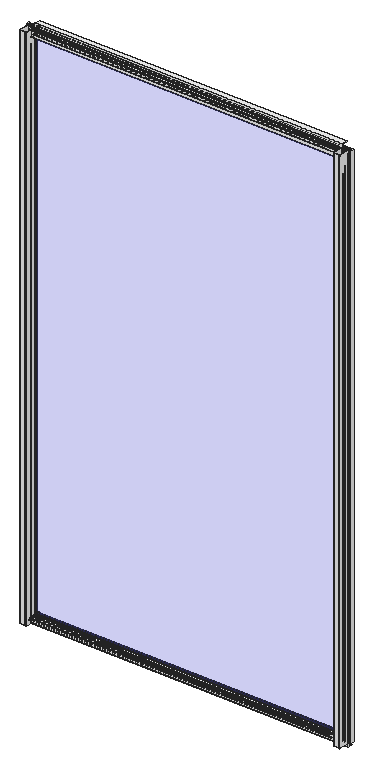
Revit family "Facade_60_Curtain_Wall_E11_Standard", category Windows, host Wall, Revit 2014
Parameters (values of type "F60-E11-3050-1500Pa")
  Windload Design [instance] = if(Custom Windload < 1001 mm, 1000 mm, if(Custom Windload < 1501 mm, 1500 mm, 2000 mm))  # 1500 mm
  Width [instance] = if(Custom Curtain Wall Width < Limit Door Width Min, Limit Door Width Min, if(Custom Curtain Wall Width > Limit Door Width Max, Limit Door Width Max, Custom Curtain Wall Width))  # 2990 mm
  Wall Thickness [instance] = 200 mm
  Vertical Profile Length [instance] = Height - Frame Bottom Gap  # 4960 mm
  URL = "http://www.crealco.co.za/crealco-products.php"
  Type Comments = ""
  Thermal Resistance (R) [instance] = if(IGDB or SAGDB Number = 100100, 1.0000 (m²·K)/W / Intruderprufe U Value, if(IGDB or SAGDB Number = 100100, 1.0000 (m²·K)/W / Intruderprufe U Value, if(IGDB or SAGDB Number = 105003, 1.0000 (m²·K)/W / Intruderprufe Insulated U Value, if(IGDB or SAGDB Number = 105004, 1.0000 (m²·K)/W / Intruderprufe Insulated LowE U Value, 1.0000 (m²·K)/W / 7.9)))) * 1  # 0.126582 (m²·K)/W
  Thermal Break Material = Plastic, Opaque Black
  Solar Heat Gain Coefficient [instance] = if(IGDB or SAGDB Number = 100100, Intruderprufe SHGC Value, if(IGDB or SAGDB Number = 103200, Intruderprufe LowE SHGC Value, if(IGDB or SAGDB Number = 105003, Intruderprufe Insulated SHGC Value, if(IGDB or SAGDB Number = 105004, Intruderprufe Insulated LowE SHGC Value, 0))))  # 0
  Single Glazing [instance] = if(DG Forced, 1 = 0, not(Double Glazing))  # yes
  Sill Height = 85 mm  # constant formula
  SG Forced [instance] = not(DG Forced)  # yes
  Quarter Expansion Break = no
  Overall Width [instance] = 2990 mm
  Overall Height [instance] = 4990 mm
  Mullion Configuration = 1 mm
  Model = "Façade 60 "  # constant formula
  Max System DG Unit Thickness = 25 mm  # constant formula
  Max System DG One Piece Thickness [instance] = rounddown((Max System DG Unit Thickness - DG Gasket Thickness) / 2 mm) * 1 mm  # 6 mm
  Max Pane Area [instance] = Glazing Width * Glazing Height  # 14.2039 m²
  Manufacturer = "Crealco"  # constant formula
  Limit Door Width Min = Limit Panel Width Min + (2 * Glazing Side Gap)  # 379.6 mm
  Limit Door Width Max = Limit Panel Width Max + (2 * Glazing Side Gap)  # 3079.6 mm
  Limit Door Height Min = Limit Panel Height Min + Glazing Top Gap + Glazing Bottom Gap  # 409.6 mm
  Limit Door Height Max = Limit Panel Height Max + Glazing Top Gap + Glazing Bottom Gap  # 6109.6 mm
  Limit Panel Width Min = 300 mm  # constant formula
  Limit Panel Width Max = 3000 mm  # constant formula
  Limit Panel Height Min = 300 mm  # constant formula
  Limit Panel Height Max = 6000 mm  # constant formula
  Sill Length [instance] = Width  # 2990 mm
  Length Sill [instance] = Width  # 2990 mm
  Keynote = ""
  Jamb Width = 60 mm  # constant formula
  Intruderprufe U Value = 5.75
  Intruderprufe SHGC Value = 0.753
  Intruderprufe LowE U Value = 3.92
  Intruderprufe LowE SHGC Value = 0.659
  Intruderprufe Insulated U Value = 2.89
  Intruderprufe Insulated SHGC Value = 0.647
  Intruderprufe Insulated LowE U Value = 2.17
  Intruderprufe Insulated LowE SHGC Value = 0.583
  Horizontal Profile Length [instance] = Width - (2 * Jamb Width)  # 2870 mm
  Half Expansion Break = no
  Glazing Width [instance] = Horizontal Profile Length + (2 mm * 20.2)  # 2910.4 mm
  Glazing Top Gap = 39.8 mm  # constant formula
  Glazing Side Gap = 39.8 mm  # constant formula
  Glazing Height [instance] = Height - Glazing Top Gap - Glazing Bottom Gap  # 4880.4 mm
  Glazing Gap SG [instance] = (14 mm - SG Thickness) / 2  # 2 mm
  Glazing Gap DG [instance] = (28 mm - (DG Thickness + DG Thickness + DG Gasket Thickness)) / 2  # 2 mm
  Glazing Bottom Gap = 69.8 mm  # constant formula
  Frame Thickness = 101.8 mm  # constant formula
  Frame Bottom Gap = 30 mm  # constant formula
  Door Leaf Height [instance] = 2050 mm
  Double Glazing [instance] = no
  DG Thickness Calc [instance] = if(not(Max Pane Area > 1.125 m²), 4 mm, if(not(Max Pane Area > 2.25 m²), 4 mm, if(not(Max Pane Area > 3.15 m²), 5 mm, if(not(Max Pane Area > 4.35 m²), 6 mm, if(not(Max Pane Area > 6.45 m²), 8 mm, 10 mm)))))  # 10 mm
  DG Thickness [instance] = if(IGDB or SAGDB Number = 105003, 6 mm, if(IGDB or SAGDB Number = 105004, 7 mm, if(DG Thickness Calc > Max System DG One Piece Thickness, Max System DG One Piece Thickness, DG Thickness Calc)))  # 6 mm
  DG Gasket Thickness = 12 mm  # constant formula
  DG Gasket Finish [instance] = Double Glazing Gasket Material
  DG Forced [instance] = if(IGDB or SAGDB Number = 100100, 1 = 0, if(IGDB or SAGDB Number = 103200, 1 = 0, if(IGDB or SAGDB Number = 105003, 1 = 1, if(IGDB or SAGDB Number = 105004, 1 = 1, Double Glazing))))  # no
  IGDB or SAGDB Number [instance] = 0
  Height [instance] = if(Custom Curtain Wall Height < Limit Door Height Min, Limit Door Height Min, if(Custom Curtain Wall Height > Limit Door Height Max, Limit Door Height Max, Custom Curtain Wall Height))  # 4990 mm
  Heat Transfer Coefficient (U) [instance] = if(IGDB or SAGDB Number = 100100, Intruderprufe U Value, if(IGDB or SAGDB Number = 103200, Intruderprufe LowE U Value, if(IGDB or SAGDB Number = 105003, Intruderprufe Insulated U Value, if(IGDB or SAGDB Number = 105004, Intruderprufe Insulated LowE U Value, 7.9)))) * 1.0000 W/(m²·K)  # 7.9000 W/(m²·K)
  SG Thickness [instance] = if(IGDB or SAGDB Number = 100100, 6 mm, if(IGDB or SAGDB Number = 103200, 7 mm, if(not(Max Pane Area > 0.75 m²), 4 mm, if(not(Max Pane Area > 1.50 m²), 4 mm, if(not(Max Pane Area > 2.10 m²), 5 mm, if(not(Max Pane Area > 2.90 m²), 6.4 mm, if(not(Max Pane Area > 4.30 m²), 8 mm, 10 mm)))))))  # 10 mm
  Glazing Material [instance] = if(IGDB or SAGDB Number = 100100, "PFG INTRUDERPRUFE 6.38mm", if(IGDB or SAGDB Number = 103200, "PFG INTRUDERPRUFE LOW-E 7.38mm", if(IGDB or SAGDB Number = 105003, "PFG 25mm INTRUDERPRUFE INSULATED GLASS", if(IGDB or SAGDB Number = 105004, "PFG 25mm INTRUDERPRUFE INSULATED GLASS LOW-E", "Unknown"))))  # "Unknown"
  Glazing Finish [instance] = Glass
  Glazing Code [instance] = if(IGDB or SAGDB Number = 100100, "LAM01", if(IGDB or SAGDB Number = 103200, "LAM01E", if(IGDB or SAGDB Number = 105003, "IGU25", if(IGDB or SAGDB Number = 105004, "IGU25E", "Unknown"))))  # "Unknown"
  Frame Offset From Exterior [instance] = if(Centered In Wall, (Wall Thickness - Frame Thickness) / 2, Custom Offset From Exterior) + 5.9 mm  # 55 mm
  Description = "Curtain wall, E11"  # constant formula
  Default Sill Height = 0 mm
  Wall Closure = By host
  Custom Curtain Wall Width = 2990 mm
  Custom Curtain Wall Height = 4990 mm
  Custom Windload = 1500 mm
  Custom Offset From Exterior = 0 mm
  Centered In Wall [instance] = 1 = 1  # yes
  Aluminium Finish [instance] = White Powder Coated Aluminium ANP 1052
  All Available Glazing Numbers [instance] = "The rows below list the available glazing materials for this window:"  # constant formula
  190mm Mullion = if(Mullion Configuration = 3 mm, 1 = 1, 1 = 0)  # no
  160mm Mullion = if(Mullion Configuration = 2 mm, 1 = 1, 1 = 0)  # no
  105004 [instance] = "IGU25E"  # constant formula
  105003 [instance] = "IGU25"  # constant formula
  103200 [instance] = "LAM01E"  # constant formula
  100mm Mullion = if(or(Mullion Configuration = 2 mm, Mullion Configuration = 3 mm), 1 = 0, 1 = 1)  # yes
  100100 [instance] = "LAM01"  # constant formula
Reference planes
  plane 1 "Center (Front/Back)": y = 0
  plane 2 "Center (Left/Right)": x = 0
  plane 3 "Left": x = -1495
  plane 4 "Right": x = 1495
  plane 5 "Sill": z = 0
  plane 6 "Head": z = 4990
  plane 7 "Exterior": y = 100
  plane 8 "Interior": y = -100
Lines and regions (mm)
  Opening 1
    outline origin (3507.082, -100, 0) x (1, 0, 0) y (0, 0, 1)
      loop
        line (-2012.082, 0) -> (-2012.082, 4990) -> (-5002.082, 4990) -> (-5002.082, 0) -> (-2012.082, 0)
Text (mm)
  text "EXTERIOR" at (-1963.203, 1332.353, 0), in view "Ref. Level"
  text "INTERIOR" at (-1981.466, -818.386, 0), in view "Ref. Level"
  text "Exterior" at (0, 923.751, 2943.296), in view "Right"
  text "Exterior" at (0, 1040.484, 2685.409), in view "Left"
Dimensions and locks
  equal spacing: plane 3 "Left", plane 2 "Center (Left/Right)", plane 4 "Right"
  "Width": plane 3 "Left" to plane 4 "Right"
  "Height": plane 5 "Sill" to plane 6 "Head"
  "Default Sill Height": plane 5 "Sill" to level
  locked: plane 7 "Exterior" to host wall at 0
  locked: plane 8 "Interior" to host wall
  "Overall Height": plane 6 "Head" to plane 5 "Sill"
  "Overall Width": plane 3 "Left" to plane 4 "Right"
  "Wall Thickness": host wall to host wall
  "Jamb Width": nested 3 to plane 4 "Right"
  "Jamb Width": nested 5 to plane 4 "Right"
  "Frame Bottom Gap": nested 5 to level
  "Frame Offset From Exterior": nested 1 to plane 7 "Exterior"
  "Glazing Side Gap": nested 6 to plane 4 "Right"
  "Glazing Top Gap": nested 6 to plane 6 "Head"
  "Glazing Gap SG": nested 6 to nested 1
  "Glazing Side Gap": nested 7 to plane 4 "Right"
  "Glazing Top Gap": nested 7 to plane 6 "Head"
  "Glazing Gap DG": nested 7 to nested 1
  locked: nested 1 to nested 5 at 8.887
  aligned and locked: plane 4 "Right" to nested 1
  aligned and locked: nested 1 to plane 6 "Head"
  aligned and locked: plane 3 "Left" to nested 2
  aligned and locked: plane 6 "Head" to nested 2
  aligned and locked: nested 3 to plane 6 "Head"
  aligned and locked: nested 1 to nested 3
  aligned and locked: nested 4 to level
  aligned and locked: plane 4 "Right" to nested 4
  aligned and locked: nested 1 to nested 2
  aligned and locked: nested 5 to nested 4
Automatic sketch dimensions
  plane 3 "Left" to Opening 1 sketch curve = 0 mm
  plane 4 "Right" to Opening 1 sketch curve = 0 mm
  Opening 1 sketch curve to plane 5 "Sill" = 0 mm
  Opening 1 sketch curve to plane 6 "Head" = 0 mm
Nested families
  nested 1: "F60 Vertical Profile Side_E11_Std" at (1495, -1.058, 30) x (-1, 0, 0) z (0, 0, 1), Thermal Break Material <- "Thermal Break Material", Profile Material <- "Aluminium Finish", Length <- "Vertical Profile Length", Single Glazing <- "SG Forced", Double Glazing <- "DG Forced", 100mm Mullion <- "100mm Mullion", 160mm Mullion <- "160mm Mullion", 190mm Mullion <- "190mm Mullion", Quarter Expansion Break <- "Quarter Expansion Break", Half Expansion Break <- "Half Expansion Break", type "F60 Vertical Profile Side_E11_Std"
    with Thermal Break Material Plastic, Opaque Black, Single Glazing yes, Quarter SG Expansion Break no, Quarter Length 1240 mm, Quarter Expansion Break no, Quarter DG Expansion Break no, Quarter 190mm Expansion Break no, Quarter 160mm Expansion Break no, Quarter 100mm Expansion Break no, Profile Material White Powder Coated Aluminium ANP 1052, Length 4960 mm, Half SG Expansion Break no, Half Length 2480 mm, Half Expansion Break no, Half DG Expansion Break no, Half 190mm Expansion Joint no, Half 160mm Expansion Break no, Half 100mm Expansion Break no, Double Glazing no, 190mm Mullion no, 160mm Mullion no, 100mm Mullion yes
  nested 2: "F60 Vertical Profile Side_E11_Std" at (-1495, -1.058, 30), Thermal Break Material <- "Thermal Break Material", Profile Material <- "Aluminium Finish", Length <- "Vertical Profile Length", Single Glazing <- "SG Forced", Double Glazing <- "DG Forced", 100mm Mullion <- "100mm Mullion", 160mm Mullion <- "160mm Mullion", 190mm Mullion <- "190mm Mullion", Quarter Expansion Break <- "Quarter Expansion Break", Half Expansion Break <- "Half Expansion Break", type "F60 Vertical Profile Side_E11_Std"
    with Thermal Break Material Plastic, Opaque Black, Single Glazing yes, Quarter SG Expansion Break no, Quarter Length 1240 mm, Quarter Expansion Break no, Quarter DG Expansion Break no, Quarter 190mm Expansion Break no, Quarter 160mm Expansion Break no, Quarter 100mm Expansion Break no, Profile Material White Powder Coated Aluminium ANP 1052, Length 4960 mm, Half SG Expansion Break no, Half Length 2480 mm, Half Expansion Break no, Half DG Expansion Break no, Half 190mm Expansion Joint no, Half 160mm Expansion Break no, Half 100mm Expansion Break no, Double Glazing no, 190mm Mullion no, 160mm Mullion no, 100mm Mullion yes
  nested 3: "F60 Horizontal Profile Top_E11_Std" at (1435, -50.858, 4930) x (-1, 0, 0) z (0, 0, 1), Thermal Break Material <- "Thermal Break Material", Profile Material <- "Aluminium Finish", Length <- "Horizontal Profile Length", Single Glazing <- "SG Forced", Double Glazing <- "DG Forced", type "F60 Horizontal Profile Top_E11_Std"
    with Thermal Break Material Plastic, Opaque Black, Single Glazing yes, Profile Material White Powder Coated Aluminium ANP 1052, Length 2870 mm, Double Glazing no
  nested 4: "F60 Sill_E11_Std" at (1495, -13.486, -1.88) x (-1, 0, 0) z (0, 0, 1), Profile Material <- "Aluminium Finish", Length Sill <- "Length Sill", type "F60 Sill_E11_Std"
    with Profile Material White Powder Coated Aluminium ANP 1052, Length Sill 2990 mm
  nested 5: "F60 Horizontal Profile Bottom_E11_Std" at (1435, -50.858, 30) x (-1, 0, 0) z (0, 0, 1), Thermal Break Material <- "Thermal Break Material", Profile Material <- "Aluminium Finish", Length <- "Horizontal Profile Length", Single Glazing <- "SG Forced", Double Glazing <- "DG Forced", type "F60 Horizontal Profile Bottom_E11_Std"
    with Thermal Break Material Plastic, Opaque Black, Single Glazing yes, Profile Material White Powder Coated Aluminium ANP 1052, Length 2870 mm, Double Glazing no
  nested 6: "F60_Single_Glazing_E11_Std" at (1455.2, 10.942, 69.8), Glazing Width <- "Glazing Width", Glazing Height <- "Glazing Height", SG Thickness <- "SG Thickness", Glazing Finish <- "Glazing Finish", visible <- "SG Forced", type "F60_Single_Glazing_E11_Std"
    with SG Thickness 10 mm, Glazing Width 2910.4 mm, Glazing Height 4880.4 mm, Glazing Finish Glass
  nested 7: "F60_Double_Glazing_E11_Std" at (1455.2, 24.942, 69.8), Glazing Material <- "Glazing Finish", Double Glazing Gasket Material <- "DG Gasket Finish", Glazing Width <- "Glazing Width", Glazing Height <- "Glazing Height", Glazing Thickness DG <- "DG Thickness", Double Glazing Gasket Thickness <- "DG Gasket Thickness", visible <- "DG Forced", type "F60_Double_Glazing_E11_Std"
    with Glazing Width 2910.4 mm, Glazing Thickness DG 6 mm, Glazing Material Glass, Glazing Height 4880.4 mm, Double Glazing Gasket Thickness 12 mm, Double Glazing Gasket Material Double Glazing Gasket Material
Definition of nested family "F60 Vertical Profile Side_E11_Std"
  Parameters (values of type "F60 Vertical Profile Side")
    Quarter SG Expansion Break [instance] = if(and(Quarter Expansion Break, Single Glazing), 1 = 1, 1 = 0)  # yes
    Quarter Length [instance] = Length / 4  # 62.5 mm
    Thermal Break Material [instance] = none
    Single Glazing [instance] = yes
    Quarter Expansion Break [instance] = yes
    Quarter DG Expansion Break [instance] = if(and(Quarter Expansion Break, Double Glazing), 1 = 1, 1 = 0)  # yes
    Quarter 190mm Expansion Break [instance] = if(and(Quarter Expansion Break, [190mm Mullion]), 1 = 1, 1 = 0)  # yes
    Quarter 160mm Expansion Break [instance] = if(and(Quarter Expansion Break, [160mm Mullion]), 1 = 1, 1 = 0)  # yes
    Quarter 100mm Expansion Break [instance] = if(and(Quarter Expansion Break, [100mm Mullion]), 1 = 1, 1 = 0)  # yes
    Profile Material [instance] = none
    Length [instance] = 250 mm
    Half SG Expansion Break [instance] = if(and(Half Expansion Break, Single Glazing), 1 = 1, 1 = 0)  # yes
    Half Length [instance] = Length / 2  # 125 mm
    Half Expansion Break [instance] = yes
    Half DG Expansion Break [instance] = if(and(Half Expansion Break, Double Glazing), 1 = 1, 1 = 0)  # yes
    Half 190mm Expansion Joint [instance] = if(and(Half Expansion Break, [190mm Mullion]), 1 = 1, 1 = 0)  # yes
    Half 160mm Expansion Break [instance] = if(and(Half Expansion Break, [160mm Mullion]), 1 = 1, 1 = 0)  # yes
    Half 100mm Expansion Break [instance] = if(and(Half Expansion Break, [100mm Mullion]), 1 = 1, 1 = 0)  # yes
    Double Glazing [instance] = yes
    190mm Mullion [instance] = yes
    160mm Mullion [instance] = yes
    100mm Mullion [instance] = yes
  Reference planes
    plane 1 "Center (Front/Back)": y = 0
    plane 2: z = 0
    plane 3 "Center (Left/Right)": x = 0
  Forms (mm)
    Extrusion 1, solid, material <- "Profile Material"
      sketch origin (0, 0, 0) x (1, 0, 0) y (0, 1, 0)
        loop
          arc (25.249, -8.7) -> (25.484, -9.266) -> (26.049, -9.5) r 0.8
          line (26.049, -9.5) -> (27.1, -9.5) -> (27.1, 7) -> (32.902, 7) -> (32.902, -9.5) -> (33.951, -9.5)
          arc (33.951, -9.5) -> (34.516, -9.266) -> (34.751, -8.7) r 0.8
          line (34.751, -8.7) -> (34.751, 6.2)
          arc (34.751, 6.2) -> (34.985, 6.766) -> (35.551, 7) r 0.8
          line (35.551, 7) -> (52.1, 7) -> (52.1, 5.4) -> (50.55, 5.4) -> (50.55, 4.55)
          arc (50.55, 4.55) -> (50.726, 4.126) -> (51.15, 3.95) r 0.6
          line (51.15, 3.95) -> (52.1, 3.95) -> (52.1, 1)
          arc (52.1, 1) -> (51.6, 0.5) -> (52.1, 0) r 0.5
          line (52.1, 0) -> (54.45, 0) -> (54.45, 1.15) -> (53.3, 1.15) -> (53.3, 2.45) -> (58.8, 2.45) -> (58.8, 1.15) -> (57.65, 1.15) -> (57.65, 0) -> (59.5, 0)
          arc (59.5, 0) -> (59.854, 0.146) -> (60, 0.5) r 0.5
          line (60, 0.5) -> (60, 3.9) -> (53.55, 3.9) -> (53.55, 7.6)
          arc (53.55, 7.6) -> (53.316, 8.166) -> (52.75, 8.4) r 0.8
          line (52.75, 8.4) -> (30, 8.4) -> (7.25, 8.4)
          arc (7.25, 8.4) -> (6.684, 8.166) -> (6.45, 7.6) r 0.8
          line (6.45, 7.6) -> (6.45, 3.9) -> (0, 3.9) -> (0, 0.5)
          arc (0, 0.5) -> (0.146, 0.146) -> (0.5, 0) r 0.5
          line (0.5, 0) -> (2.35, 0) -> (2.35, 1.15) -> (1.2, 1.15) -> (1.2, 2.45) -> (6.7, 2.45) -> (6.7, 1.15) -> (5.55, 1.15) -> (5.55, 0) -> (7.9, 0)
          arc (7.9, 0) -> (8.4, 0.5) -> (7.9, 1) r 0.5
          line (7.9, 1) -> (7.9, 3.95) -> (8.85, 3.95)
          arc (8.85, 3.95) -> (9.274, 4.126) -> (9.45, 4.55) r 0.6
          line (9.45, 4.55) -> (9.45, 5.4) -> (7.9, 5.4) -> (7.9, 7) -> (24.449, 7)
          arc (24.449, 7) -> (25.015, 6.766) -> (25.249, 6.2) r 0.8
          line (25.249, 6.2) -> (25.249, -8.7)
      from 0 to 250 <- "Length"
    Extrusion 2, solid, material <- "Thermal Break Material"
      sketch origin (0, 0, 0) x (1, 0, 0) y (0, 1, 0)
        loop
          line (1.75, 9.8) -> (1.75, 5.2) -> (0, 5.2) -> (0, 3.9) -> (6.35, 3.9) -> (6.35, 7.856)
          arc (6.35, 7.856) -> (6.526, 8.281) -> (6.95, 8.456) r 0.6
          line (6.95, 8.456) -> (30, 8.456) -> (53.05, 8.456)
          arc (53.05, 8.456) -> (53.474, 8.281) -> (53.65, 7.856) r 0.6
          line (53.65, 7.856) -> (53.65, 3.9) -> (60, 3.9) -> (60, 5.2) -> (58.25, 5.2) -> (58.25, 9.8) -> (30, 9.8) -> (1.75, 9.8)
      from 0 to 250 <- "Length"
    Extrusion 3, solid, material <- "Thermal Break Material", visible <- "Single Glazing"
      sketch origin (0, 0, 0) x (1, 0, 0) y (0, 1, 0)
        loop
          line (25.749, -14.011) -> (27.672, -14.011) -> (28.481, -12.611) -> (31.518, -12.611) -> (32.327, -14.011) -> (34.249, -14.011)
          arc (34.249, -14.011) -> (34.603, -13.864) -> (34.749, -13.511) r 0.5
          line (34.749, -13.511) -> (34.749, -10.011)
          arc (34.749, -10.011) -> (34.603, -9.657) -> (34.249, -9.511) r 0.5
          line (34.249, -9.511) -> (32.352, -9.511) -> (32.352, 0.19) -> (31.349, 2.261)
          arc (31.349, 2.261) -> (29.999, 2.986) -> (28.649, 2.261) r 1.62
          line (28.649, 2.261) -> (27.647, 0.19) -> (27.647, -9.511) -> (25.749, -9.511)
          arc (25.749, -9.511) -> (25.396, -9.657) -> (25.249, -10.011) r 0.5
          line (25.249, -10.011) -> (25.249, -13.511)
          arc (25.249, -13.511) -> (25.396, -13.864) -> (25.749, -14.011) r 0.5
        loop
          line (28.504, -10.005) -> (28.504, -10.861)
          arc (28.504, -10.861) -> (28.651, -11.214) -> (29.004, -11.361) r 0.5
          line (29.004, -11.361) -> (30.994, -11.361)
          arc (30.994, -11.361) -> (31.348, -11.214) -> (31.494, -10.861) r 0.5
          line (31.494, -10.861) -> (31.494, -10.005) -> (30.708, -9.219)
          arc (30.708, -9.219) -> (30.383, -9.001) -> (29.999, -8.924) r 1.007
          arc (29.999, -8.924) -> (29.616, -8.999) -> (29.292, -9.217) r 0.986
          line (29.292, -9.217) -> (28.504, -10.005)
        loop
          arc (30.896, 1.935) -> (29.887, 2.44) -> (29.005, 1.735) r 1.047
          line (29.005, 1.735) -> (28.347, 0.374) -> (28.347, -6.993)
          arc (28.347, -6.993) -> (28.583, -7.417) -> (29.068, -7.441) r 0.5
          arc (29.068, -7.441) -> (29.999, -7.223) -> (30.93, -7.441) r 2.099
          arc (30.93, -7.441) -> (31.416, -7.417) -> (31.652, -6.993) r 0.5
          line (31.652, -6.993) -> (31.652, 0.374) -> (30.896, 1.935)
      from 0 to 250 <- "Length"
    Extrusion 4, solid, material <- "Profile Material", visible <- "Single Glazing"
      sketch origin (0, 0, 0) x (1, 0, 0) y (0, 1, 0)
        loop
          line (52.693, -14.011) -> (32.327, -14.011) -> (31.519, -12.611) -> (28.481, -12.611) -> (27.673, -14.011) -> (7.307, -14.011) -> (7.307, -15.011) -> (8.457, -15.011) -> (8.457, -16.261) -> (2.957, -16.261) -> (2.957, -15.011) -> (4.107, -15.011) -> (4.107, -14.011) -> (1.707, -14.011)
          arc (1.707, -14.011) -> (1.199, -14.293) -> (1.168, -14.873) r 0.6
          line (1.168, -14.873) -> (2.093, -16.772) -> (1.015, -17.298) -> (1.484, -18.261) -> (11.488, -18.261)
          arc (11.488, -18.261) -> (11.913, -18.085) -> (12.088, -17.661) r 0.6
          line (12.088, -17.661) -> (12.088, -16.811) -> (47.912, -16.811) -> (47.912, -17.661)
          arc (47.912, -17.661) -> (48.088, -18.085) -> (48.512, -18.261) r 0.6
          line (48.512, -18.261) -> (58.518, -18.261) -> (58.987, -17.298) -> (57.908, -16.772) -> (58.834, -14.874)
          arc (58.834, -14.874) -> (58.802, -14.293) -> (58.293, -14.011) r 0.6
          line (58.293, -14.011) -> (55.893, -14.011) -> (55.893, -15.011) -> (57.043, -15.011) -> (57.043, -16.261) -> (51.543, -16.261) -> (51.543, -15.011) -> (52.693, -15.011) -> (52.693, -14.011)
      from 0 to 250 <- "Length"
    Extrusion 5, solid, material <- "Profile Material", visible <- "Single Glazing"
      sketch origin (0, 0, 0) x (1, 0, 0) y (0, 1, 0)
        loop
          line (2.801, -18.261) -> (1.484, -18.261) -> (1.015, -17.298) -> (2.093, -16.772) -> (0.779, -14.076)
          arc (0.779, -14.076) -> (0.239, -14.21) -> (0.001, -14.713) r 0.65
          line (0.001, -14.713) -> (0.001, -28.068)
          arc (0.001, -28.068) -> (1.172, -30.897) -> (4.001, -32.068) r 4
          line (4.001, -32.068) -> (30.001, -32.068) -> (56.001, -32.068)
          arc (56.001, -32.068) -> (58.829, -30.897) -> (60.001, -28.068) r 4
          line (60.001, -28.068) -> (60.001, -14.713)
          arc (60.001, -14.713) -> (59.763, -14.21) -> (59.223, -14.076) r 0.65
          line (59.223, -14.076) -> (57.908, -16.772) -> (58.987, -17.298) -> (58.518, -18.261) -> (57.201, -18.261)
          arc (57.201, -18.261) -> (56.83, -18.425) -> (56.703, -18.811) r 0.5
          arc (56.703, -18.811) -> (56.83, -19.196) -> (57.201, -19.361) r 0.5
          line (57.201, -19.361) -> (58.951, -19.361) -> (58.951, -27.968)
          arc (58.951, -27.968) -> (58.131, -29.948) -> (56.151, -30.768) r 2.8
          line (56.151, -30.768) -> (30.001, -30.768) -> (3.851, -30.768)
          arc (3.851, -30.768) -> (1.871, -29.948) -> (1.051, -27.968) r 2.8
          line (1.051, -27.968) -> (1.051, -19.361) -> (2.801, -19.361)
          arc (2.801, -19.361) -> (3.172, -19.196) -> (3.298, -18.811) r 0.5
          arc (3.298, -18.811) -> (3.172, -18.425) -> (2.801, -18.261) r 0.5
      from 0 to 250 <- "Length"
    Extrusion 6, solid, material <- "Profile Material", visible <- "100mm Mullion"
      sketch origin (0, 0, 0) x (1, 0, 0) y (0, 1, 0)
        loop
          line (14.02, 13) -> (45.98, 13)
          arc (45.98, 13) -> (46.539, 12.842) -> (46.917, 12.4) r 1
          arc (46.917, 12.4) -> (47.285, 11.963) -> (47.833, 11.8) r 1
          line (47.833, 11.8) -> (58.15, 11.8) -> (58.15, 96.3) -> (47.833, 96.3)
          arc (47.833, 96.3) -> (47.285, 96.137) -> (46.917, 95.7) r 1
          arc (46.917, 95.7) -> (46.548, 95.263) -> (46, 95.1) r 1
          line (46, 95.1) -> (14, 95.1)
          arc (14, 95.1) -> (13.452, 95.263) -> (13.083, 95.7) r 1
          arc (13.083, 95.7) -> (12.715, 96.137) -> (12.167, 96.3) r 1
          line (12.167, 96.3) -> (1.85, 96.3) -> (1.85, 11.8) -> (12.167, 11.8)
          arc (12.167, 11.8) -> (12.715, 11.963) -> (13.083, 12.4) r 1
          arc (13.083, 12.4) -> (13.461, 12.842) -> (14.02, 13) r 1
        loop
          line (1.65, 9.856) -> (58.35, 9.856) -> (58.35, 5.2) -> (60, 5.2) -> (60, 98.8)
          arc (60, 98.8) -> (59.707, 99.507) -> (59, 99.8) r 1
          line (59, 99.8) -> (1, 99.8)
          arc (1, 99.8) -> (0.293, 99.507) -> (0, 98.8) r 1
          line (0, 98.8) -> (0, 5.2) -> (1.65, 5.2) -> (1.65, 9.856)
      from 0 to 250 <- "Length"
    Extrusion 7, solid, material <- "Profile Material", visible <- "160mm Mullion"
      sketch origin (0, 0, 0) x (1, 0, 0) y (0, 1, 0)
        loop
          arc (2.35, 15.6) -> (2.526, 15.176) -> (2.95, 15) r 0.6
          line (2.95, 15) -> (57.05, 15)
          arc (57.05, 15) -> (57.474, 15.176) -> (57.65, 15.6) r 0.6
          line (57.65, 15.6) -> (57.65, 153.7)
          arc (57.65, 153.7) -> (57.474, 154.124) -> (57.05, 154.3) r 0.6
          line (57.05, 154.3) -> (47.833, 154.3)
          arc (47.833, 154.3) -> (47.285, 154.137) -> (46.917, 153.7) r 1
          arc (46.917, 153.7) -> (46.548, 153.263) -> (46, 153.1) r 1
          line (46, 153.1) -> (14, 153.1)
          arc (14, 153.1) -> (13.452, 153.263) -> (13.083, 153.7) r 1
          arc (13.083, 153.7) -> (12.715, 154.137) -> (12.167, 154.3) r 1
          line (12.167, 154.3) -> (2.95, 154.3)
          arc (2.95, 154.3) -> (2.526, 154.124) -> (2.35, 153.7) r 0.6
          line (2.35, 153.7) -> (2.35, 15.6)
        loop
          arc (1, 159.8) -> (0.293, 159.507) -> (0, 158.8) r 1
          line (0, 158.8) -> (0, 5.2) -> (1.65, 5.2) -> (1.65, 10.013) -> (58.35, 10.013) -> (58.35, 5.2) -> (60, 5.2) -> (60, 158.8)
          arc (60, 158.8) -> (59.707, 159.507) -> (59, 159.8) r 1
          line (59, 159.8) -> (1, 159.8)
      from 0 to 250 <- "Length"
    Extrusion 8, solid, material <- "Profile Material", visible <- "190mm Mullion"
      sketch origin (0, 0, 0) x (1, 0, 0) y (0, 1, 0)
        loop
          line (57.25, 15.1) -> (57.25, 178.3)
          arc (57.25, 178.3) -> (56.957, 179.007) -> (56.25, 179.3) r 1
          line (56.25, 179.3) -> (3.75, 179.3)
          arc (3.75, 179.3) -> (3.043, 179.007) -> (2.75, 178.3) r 1
          line (2.75, 178.3) -> (2.75, 15.1)
          arc (2.75, 15.1) -> (2.984, 14.534) -> (3.55, 14.3) r 0.8
          line (3.55, 14.3) -> (56.45, 14.3)
          arc (56.45, 14.3) -> (57.016, 14.534) -> (57.25, 15.1) r 0.8
        loop
          line (60, 5.2) -> (60, 188.8)
          arc (60, 188.8) -> (59.707, 189.507) -> (59, 189.8) r 1
          line (59, 189.8) -> (1, 189.8)
          arc (1, 189.8) -> (0.293, 189.507) -> (0, 188.8) r 1
          line (0, 188.8) -> (0, 5.2) -> (1.65, 5.2) -> (1.65, 9.856) -> (58.35, 9.856) -> (58.35, 5.2) -> (60, 5.2)
      from 0 to 250 <- "Length"
    Extrusion 9, solid, material <- "Thermal Break Material", visible <- "Double Glazing"
      sketch origin (0, 0, 0) x (1, 0, 0) y (0, 1, 0)
        loop
          line (27.672, -28) -> (28.48, -26.6) -> (31.518, -26.6) -> (32.326, -28) -> (34.249, -28)
          arc (34.249, -28) -> (34.603, -27.854) -> (34.749, -27.5) r 0.5
          line (34.749, -27.5) -> (34.749, -10)
          arc (34.749, -10) -> (34.603, -9.646) -> (34.249, -9.5) r 0.5
          line (34.249, -9.5) -> (32.352, -9.5) -> (32.352, 0.198) -> (31.348, 2.272)
          arc (31.348, 2.272) -> (29.998, 2.997) -> (28.648, 2.272) r 1.62
          line (28.648, 2.272) -> (27.645, 0.201) -> (27.645, -9.5) -> (25.749, -9.5)
          arc (25.749, -9.5) -> (25.396, -9.646) -> (25.249, -10) r 0.5
          line (25.249, -10) -> (25.249, -27.5)
          arc (25.249, -27.5) -> (25.396, -27.854) -> (25.749, -28) r 0.5
          line (25.749, -28) -> (27.672, -28)
        loop
          arc (30.706, -9.206) -> (30.382, -8.99) -> (29.999, -8.913) r 1.007
          arc (29.999, -8.913) -> (29.616, -8.988) -> (29.292, -9.206) r 0.986
          line (29.292, -9.206) -> (27.142, -11.356)
          arc (27.142, -11.356) -> (26.926, -11.68) -> (26.849, -12.063) r 1
          line (26.849, -12.063) -> (26.849, -24)
          arc (26.849, -24) -> (27.142, -24.707) -> (27.849, -25) r 1
          line (27.849, -25) -> (32.149, -25)
          arc (32.149, -25) -> (32.856, -24.707) -> (33.149, -24) r 1
          line (33.149, -24) -> (33.149, -12.063)
          arc (33.149, -12.063) -> (33.073, -11.68) -> (32.856, -11.356) r 1
          line (32.856, -11.356) -> (30.706, -9.206)
        loop
          arc (28.345, -6.982) -> (28.581, -7.407) -> (29.067, -7.43) r 0.5
          arc (29.067, -7.43) -> (29.998, -7.213) -> (30.929, -7.43) r 2.099
          arc (30.929, -7.43) -> (31.414, -7.407) -> (31.651, -6.982) r 0.5
          line (31.651, -6.982) -> (31.651, 0.385) -> (30.895, 1.946)
          arc (30.895, 1.946) -> (29.885, 2.45) -> (29.004, 1.745) r 1.047
          line (29.004, 1.745) -> (28.345, 0.385) -> (28.345, -6.982)
      from 0 to 250 <- "Length"
    Extrusion 10, solid, material <- "Profile Material", visible <- "Double Glazing"
      sketch origin (0, 0, 0) x (1, 0, 0) y (0, 1, 0)
        loop
          line (52.692, -28) -> (32.327, -28) -> (31.518, -26.6) -> (28.48, -26.6) -> (27.672, -28) -> (7.306, -28) -> (7.306, -29) -> (8.456, -29) -> (8.456, -30.25) -> (2.956, -30.25) -> (2.956, -29) -> (4.106, -29) -> (4.106, -28) -> (1.706, -28)
          arc (1.706, -28) -> (1.198, -28.282) -> (1.167, -28.863) r 0.6
          line (1.167, -28.863) -> (2.093, -30.762) -> (1.014, -31.288) -> (1.483, -32.25) -> (11.488, -32.25)
          arc (11.488, -32.25) -> (11.912, -32.074) -> (12.088, -31.65) r 0.6
          line (12.088, -31.65) -> (12.088, -30.8) -> (47.911, -30.8) -> (47.911, -31.65)
          arc (47.911, -31.65) -> (48.087, -32.074) -> (48.511, -32.25) r 0.6
          line (48.511, -32.25) -> (58.517, -32.25) -> (58.986, -31.288) -> (57.907, -30.762) -> (58.833, -28.864)
          arc (58.833, -28.864) -> (58.801, -28.282) -> (58.292, -28) r 0.6
          line (58.292, -28) -> (55.892, -28) -> (55.892, -29) -> (57.042, -29) -> (57.042, -30.25) -> (51.542, -30.25) -> (51.542, -29) -> (52.692, -29) -> (52.692, -28)
      from 0 to 250 <- "Length"
    Extrusion 11, solid, material <- "Profile Material", visible <- "Double Glazing"
      sketch origin (0, 0, 0) x (1, 0, 0) y (0, 1, 0)
        loop
          line (2.8, -32.25) -> (1.483, -32.25) -> (1.014, -31.288) -> (2.093, -30.762) -> (0.778, -28.065)
          arc (0.778, -28.065) -> (0.238, -28.2) -> (0, -28.702) r 0.65
          line (0, -28.702) -> (0, -42.058)
          arc (0, -42.058) -> (1.172, -44.886) -> (4, -46.058) r 4
          line (4, -46.058) -> (30, -46.058) -> (56, -46.058)
          arc (56, -46.058) -> (58.828, -44.886) -> (60, -42.058) r 4
          line (60, -42.058) -> (60, -28.702)
          arc (60, -28.702) -> (59.762, -28.2) -> (59.222, -28.065) r 0.65
          line (59.222, -28.065) -> (57.907, -30.762) -> (58.986, -31.288) -> (58.517, -32.25) -> (57.2, -32.25)
          arc (57.2, -32.25) -> (56.829, -32.415) -> (56.703, -32.8) r 0.5
          arc (56.703, -32.8) -> (56.829, -33.185) -> (57.2, -33.35) r 0.5
          line (57.2, -33.35) -> (58.95, -33.35) -> (58.95, -41.958)
          arc (58.95, -41.958) -> (58.13, -43.938) -> (56.15, -44.758) r 2.8
          line (56.15, -44.758) -> (30, -44.758) -> (3.85, -44.758)
          arc (3.85, -44.758) -> (1.87, -43.938) -> (1.05, -41.958) r 2.8
          line (1.05, -41.958) -> (1.05, -33.35) -> (2.8, -33.35)
          arc (2.8, -33.35) -> (3.171, -33.185) -> (3.297, -32.8) r 0.5
          arc (3.297, -32.8) -> (3.171, -32.415) -> (2.8, -32.25) r 0.5
      from 0 to 250 <- "Length"
    Extrusion 12, solid, material <- "Profile Material", visible <- "Single Glazing"
      sketch origin (0, 0, 0) x (1, 0, 0) y (0, 1, 0)
        loop
          line (10.403, -10.171) -> (10.403, -3.821) -> (-21.349, -3.821) -> (-21.349, -35.567) -> (-14.999, -35.567) -> (-14.999, -10.171) -> (10.403, -10.171)
      from 0 to 250 <- "Length"
    Extrusion 13, solid, material <- "Profile Material", visible <- "Double Glazing"
      sketch origin (0, 0, 0) x (1, 0, 0) y (0, 1, 0)
        loop
          line (10.402, -7.775) -> (10.402, -1.425) -> (-21.35, -1.425) -> (-21.35, -33.172) -> (-15, -33.172) -> (-15, -7.775) -> (10.402, -7.775)
      from 0 to 250 <- "Length"
    Extrusion 14, solid, material <- "Profile Material", visible <- "Double Glazing"
      sketch origin (0, 0, 0) x (1, 0, 0) y (0, 1, 0)
        loop
          line (12, -7.775) -> (0, -7.775) -> (0, -25.775) -> (12, -25.775) -> (12, -7.775)
        loop
          line (10.8, -8.975) -> (1.2, -8.975) -> (1.2, -24.575) -> (10.8, -24.575) -> (10.8, -8.975)
      from 0 to 250 <- "Length"
  Lines and regions (mm)
    model lines, style "GenericModelHiddenLines", visible <- "Half 100mm Expansion Break"
      curve 1: line (60, 5.2, 125) -> (60, 95.2, 125)
      curve 2: line (60, 99.8, 125) -> (0, 99.8, 125)
      curve 8: line (0, 5.2, 125) -> (0, 95.2, 125)
    model lines, style "GenericModelHiddenLines", visible <- "Quarter 100mm Expansion Break"
      curve 3: line (60, 5.2, 187.5) -> (60, 95.2, 187.5)
      curve 4: line (60, 5.2, 62.5) -> (60, 95.2, 62.5)
      curve 5: line (60, 99.8, 62.5) -> (0, 99.8, 62.5)
      curve 6: line (60, 99.8, 187.5) -> (0, 99.8, 187.5)
      curve 7: line (0, 5.2, 187.5) -> (0, 95.2, 187.5)
      curve 9: line (0, 5.2, 62.5) -> (0, 95.2, 62.5)
    model lines, style "GenericModelHiddenLines", visible <- "Half SG Expansion Break"
      curve 10: line (4.107, -32.068, 125) -> (55.893, -32.068, 125)
      curve 14: line (60.001, -14.011, 125) -> (60.001, -32.068, 125)
    model lines, style "GenericModelHiddenLines", visible <- "Quarter SG Expansion Break"
      curve 11: line (4.107, -32.068, 187.5) -> (56.703, -32.068, 187.5)
      curve 12: line (4.107, -32.068, 62.5) -> (56.703, -32.068, 62.5)
      curve 13: line (60.001, -14.011, 187.5) -> (60.001, -32.068, 187.5)
      curve 15: line (60.001, -14.011, 62.5) -> (60.001, -32.068, 62.5)
    model lines, style "GenericModelHiddenLines", visible <- "Quarter 160mm Expansion Break"
      curve 16: line (0, 5.2, 187.5) -> (0, 155.2, 187.5)
      curve 18: line (0, 5.2, 62.5) -> (0, 155.2, 62.5)
      curve 19: line (0, 159.8, 187.5) -> (60, 159.8, 187.5)
      curve 21: line (0, 159.8, 62.5) -> (60, 159.8, 62.5)
      curve 22: line (60, 5.2, 187.5) -> (60, 155.2, 187.5)
      curve 24: line (60, 5.2, 62.5) -> (60, 155.2, 62.5)
    model lines, style "GenericModelHiddenLines", visible <- "Half 160mm Expansion Break"
      curve 17: line (0, 5.2, 125) -> (0, 155.2, 125)
      curve 20: line (0, 159.8, 125) -> (60, 159.8, 125)
      curve 23: line (60, 5.2, 125) -> (60, 155.2, 125)
    model lines, style "GenericModelHiddenLines", visible <- "Quarter 190mm Expansion Break"
      curve 25: line (0, 5.2, 187.5) -> (0, 185.2, 187.5)
      curve 27: line (0, 5.2, 62.5) -> (0, 185.2, 62.5)
      curve 28: line (0.779, 189.8, 187.5) -> (59.222, 189.8, 187.5)
      curve 30: line (0.779, 189.8, 62.5) -> (59.222, 189.8, 62.5)
      curve 31: line (60, 5.2, 187.5) -> (60, 185.2, 187.5)
      curve 33: line (60, 5.2, 62.5) -> (60, 185.2, 62.5)
    model lines, style "GenericModelHiddenLines", visible <- "Half 190mm Expansion Joint"
      curve 26: line (0, 5.2, 125) -> (0, 185.2, 125)
      curve 29: line (0.779, 189.8, 125) -> (59.222, 189.8, 125)
      curve 32: line (60, 5.2, 125) -> (60, 185.2, 125)
    model lines, style "GenericModelHiddenLines", visible <- "Quarter DG Expansion Break"
      curve 34: line (60, -28.065, 187.5) -> (60, -46.074, 187.5)
      curve 36: line (60, -28.065, 62.5) -> (60, -46.027, 62.5)
      curve 37: line (59.222, -46.058, 187.5) -> (0.779, -46.058, 187.5)
      curve 39: line (59.222, -46.058, 62.5) -> (0.779, -46.058, 62.5)
    model lines, style "GenericModelHiddenLines", visible <- "Half DG Expansion Break"
      curve 35: line (60, -28.065, 125) -> (60, -46.074, 125)
      curve 38: line (59.222, -46.058, 125) -> (0.779, -46.058, 125)
  Dimensions and locks
    "Half Length": curve 1 to level
    "Half Length": level to curve 2
    "Quarter Length": curve 4 to level
    "Quarter Length": Extrusion 8 to curve 3
    "Quarter Length": level to curve 5
    "Quarter Length": curve 6 to Extrusion 6
    "Quarter Length": curve 9 to level
    "Half Length": curve 8 to level
    "Quarter Length": Extrusion 8 to curve 7
    "Quarter Length": curve 12 to level
    "Half Length": curve 10 to level
    "Quarter Length": Extrusion 5 to curve 11
    "Quarter Length": curve 15 to level
    "Half Length": curve 14 to level
    "Quarter Length": Extrusion 5 to curve 13
    "Quarter Length": Extrusion 7 to curve 18
    "Half Length": Extrusion 7 to curve 17
    "Quarter Length": Extrusion 7 to curve 16
    "Quarter Length": Extrusion 7 to curve 21
    "Quarter Length": curve 19 to Extrusion 7
    "Half Length": Extrusion 7 to curve 20
    "Quarter Length": Extrusion 7 to curve 24
    "Quarter Length": Extrusion 7 to curve 22
    "Half Length": Extrusion 7 to curve 23
    "Quarter Length": Extrusion 8 to curve 27
    "Quarter Length": Extrusion 8 to curve 25
    "Half Length": Extrusion 8 to curve 26
    "Quarter Length": Extrusion 8 to curve 30
    "Quarter Length": curve 28 to Extrusion 8
    "Half Length": Extrusion 8 to curve 29
    "Quarter Length": Extrusion 8 to curve 33
    "Quarter Length": Extrusion 8 to curve 31
    "Half Length": Extrusion 8 to curve 32
    "Quarter Length": Extrusion 11 to curve 36
    "Quarter Length": Extrusion 11 to curve 34
    "Half Length": Extrusion 11 to curve 35
    "Quarter Length": Extrusion 11 to curve 37
    "Quarter Length": curve 39 to Extrusion 11
    "Half Length": curve 38 to Extrusion 11
    aligned and locked: level to plane 2
  Automatic sketch dimensions
    Extrusion 1 sketch curve to plane 3 "Center (Left/Right)" = 0 mm
    plane 1 "Center (Front/Back)" to Extrusion 1 sketch curve = 0 mm  (x4)
    plane 3 "Center (Left/Right)" to Extrusion 1 sketch curve = 0.5 mm
    Extrusion 1 sketch curve to Extrusion 1 sketch curve = 0.7 mm  (x2)
    Extrusion 1 sketch curve to Extrusion 1 sketch curve = 1.15 mm  (x4)
    Extrusion 1 sketch curve to Extrusion 1 sketch curve = 3.2 mm  (x2)
    Extrusion 1 sketch curve to Extrusion 1 sketch curve = 0.9 mm
    Extrusion 1 sketch curve to Extrusion 1 sketch curve = 0.25 mm
    Extrusion 1 sketch curve to Extrusion 1 sketch curve = 0.8 mm  (x7)
    Extrusion 1 sketch curve to Extrusion 1 sketch curve = 1.45 mm  (x2)
    Extrusion 1 sketch curve to Extrusion 1 sketch curve = 0.65 mm  (x3)
    Extrusion 1 sketch curve to Extrusion 1 sketch curve = 0.95 mm  (x3)
    Extrusion 1 sketch curve to Extrusion 1 sketch curve = 0.6 mm  (x3)
    Extrusion 1 sketch curve to plane 1 "Center (Front/Back)" = 7 mm
    Extrusion 1 sketch curve to Extrusion 1 sketch curve = 14.999 mm  (x2)
    plane 1 "Center (Front/Back)" to Extrusion 1 sketch curve = 8.7 mm
    Extrusion 1 sketch curve to Extrusion 1 sketch curve = 1.85 mm
    Extrusion 1 sketch curve to Extrusion 1 sketch curve = 2.9 mm
    Extrusion 1 sketch curve to Extrusion 1 sketch curve = 5.802 mm
    Extrusion 1 sketch curve to Extrusion 1 sketch curve = 1.049 mm
    Extrusion 1 sketch curve to plane 1 "Center (Front/Back)" = 4.55 mm
    Extrusion 1 sketch curve to plane 1 "Center (Front/Back)" = 0.5 mm  (x3)
    Extrusion 1 sketch curve to Extrusion 1 sketch curve = 1.2 mm
    Extrusion 1 sketch curve to plane 1 "Center (Front/Back)" = 1.15 mm  (x2)
    Extrusion 1 sketch curve to Extrusion 1 sketch curve = 0 mm
    Extrusion 1 sketch curve to Extrusion 1 sketch curve = 1.3 mm  (x2)
    Extrusion 1 sketch curve to Extrusion 1 sketch curve = 0.05 mm  (x2)
    Extrusion 1 sketch curve to Extrusion 1 sketch curve = 0.85 mm  (x2)
    Extrusion 1 sketch curve to plane 1 "Center (Front/Back)" = 6.2 mm
    Extrusion 2 sketch curve to plane 3 "Center (Left/Right)" = 0 mm
    plane 3 "Center (Left/Right)" to Extrusion 2 sketch curve = 1.75 mm
    Extrusion 2 sketch curve to Extrusion 2 sketch curve = 4.6 mm  (x4)
    Extrusion 2 sketch curve to Extrusion 2 sketch curve = 0.6 mm  (x2)
    Extrusion 2 sketch curve to plane 1 "Center (Front/Back)" = 9.8 mm
    Extrusion 2 sketch curve to Extrusion 2 sketch curve = 23.05 mm  (x2)
    Extrusion 2 sketch curve to Extrusion 2 sketch curve = 0 mm
    Extrusion 2 sketch curve to plane 1 "Center (Front/Back)" = 8.456 mm
    Extrusion 2 sketch curve to Extrusion 2 sketch curve = 1.75 mm
    Extrusion 2 sketch curve to plane 1 "Center (Front/Back)" = 3.9 mm  (x2)
    plane 3 "Center (Left/Right)" to Extrusion 3 sketch curve = 25.249 mm
    Extrusion 3 sketch curve to Extrusion 3 sketch curve = 0.5 mm  (x6)
    Extrusion 3 sketch curve to plane 1 "Center (Front/Back)" = 0.19 mm  (x2)
    Extrusion 3 sketch curve to Extrusion 3 sketch curve = 1.897 mm  (x2)
    Extrusion 3 sketch curve to Extrusion 3 sketch curve = 1.922 mm  (x2)
    Extrusion 3 sketch curve to plane 1 "Center (Front/Back)" = 0.374 mm  (x2)
    Extrusion 3 sketch curve to Extrusion 3 sketch curve = 0.7 mm  (x2)
    plane 1 "Center (Front/Back)" to Extrusion 3 sketch curve = 12.611 mm
    Extrusion 3 sketch curve to Extrusion 3 sketch curve = 0.809 mm
    Extrusion 3 sketch curve to Extrusion 3 sketch curve = 0.858 mm
    Extrusion 3 sketch curve to plane 1 "Center (Front/Back)" = 2.261 mm  (x2)
    Extrusion 3 sketch curve to Extrusion 3 sketch curve = 0.303 mm
    Extrusion 3 sketch curve to plane 1 "Center (Front/Back)" = 1.735 mm
    Extrusion 3 sketch curve to Extrusion 3 sketch curve = 0.356 mm
    plane 1 "Center (Front/Back)" to Extrusion 3 sketch curve = 9.217 mm
    Extrusion 3 sketch curve to Extrusion 3 sketch curve = 0.788 mm
    Extrusion 3 sketch curve to Extrusion 3 sketch curve = 0.701 mm
    Extrusion 3 sketch curve to Extrusion 3 sketch curve = 0.003 mm
    Extrusion 3 sketch curve to Extrusion 3 sketch curve = 0.992 mm
    Extrusion 3 sketch curve to Extrusion 3 sketch curve = 0.006 mm
    Extrusion 3 sketch curve to Extrusion 3 sketch curve = 0.002 mm
    plane 1 "Center (Front/Back)" to Extrusion 3 sketch curve = 9.219 mm
    Extrusion 3 sketch curve to Extrusion 3 sketch curve = 0.709 mm
    Extrusion 3 sketch curve to plane 1 "Center (Front/Back)" = 1.935 mm
    Extrusion 3 sketch curve to Extrusion 3 sketch curve = 0.899 mm
    Extrusion 3 sketch curve to Extrusion 3 sketch curve = 0.998 mm
    Extrusion 3 sketch curve to Extrusion 3 sketch curve = 0.444 mm
    Extrusion 3 sketch curve to Extrusion 3 sketch curve = 0.524 mm
    Extrusion 3 sketch curve to Extrusion 3 sketch curve = 0.756 mm
    Extrusion 3 sketch curve to Extrusion 3 sketch curve = 0.808 mm
    Extrusion 3 sketch curve to Extrusion 3 sketch curve = 0.9 mm  (x2)
    Extrusion 3 sketch curve to Extrusion 3 sketch curve = 1.25 mm
    Extrusion 3 sketch curve to Extrusion 3 sketch curve = 0.85 mm  (x2)
    Extrusion 3 sketch curve to Extrusion 3 sketch curve = 0.856 mm  (x2)
    Extrusion 3 sketch curve to Extrusion 3 sketch curve = 0.714 mm
    Extrusion 3 sketch curve to Extrusion 3 sketch curve = 0.02 mm
    Extrusion 3 sketch curve to Extrusion 3 sketch curve = 0.399 mm
    Extrusion 3 sketch curve to Extrusion 3 sketch curve = 2.224 mm
    Extrusion 3 sketch curve to Extrusion 3 sketch curve = 0.448 mm
    Extrusion 3 sketch curve to Extrusion 3 sketch curve = 0.032 mm
    Extrusion 3 sketch curve to Extrusion 3 sketch curve = 0 mm
    plane 3 "Center (Left/Right)" to Extrusion 4 sketch curve = 1.015 mm
    Extrusion 4 sketch curve to Extrusion 4 sketch curve = 0.469 mm
    plane 3 "Center (Left/Right)" to Extrusion 4 sketch curve = 1.707 mm
    Extrusion 4 sketch curve to Extrusion 4 sketch curve = 1.079 mm
    Extrusion 4 sketch curve to Extrusion 4 sketch curve = 0.864 mm
    Extrusion 4 sketch curve to Extrusion 4 sketch curve = 1.15 mm  (x4)
    Extrusion 4 sketch curve to Extrusion 4 sketch curve = 3.2 mm  (x2)
    Extrusion 4 sketch curve to Extrusion 4 sketch curve = 3.031 mm  (x2)
    Extrusion 4 sketch curve to Extrusion 4 sketch curve = 0.6 mm  (x3)
    Extrusion 4 sketch curve to Extrusion 4 sketch curve = 15.584 mm  (x2)
    plane 1 "Center (Front/Back)" to Extrusion 4 sketch curve = 12.611 mm
    Extrusion 4 sketch curve to Extrusion 4 sketch curve = 0.808 mm  (x2)
    Extrusion 4 sketch curve to Extrusion 4 sketch curve = 3.038 mm
    plane 1 "Center (Front/Back)" to Extrusion 4 sketch curve = 14.011 mm
    plane 1 "Center (Front/Back)" to Extrusion 4 sketch curve = 16.772 mm
    Extrusion 4 sketch curve to Extrusion 4 sketch curve = 0.865 mm
    Extrusion 4 sketch curve to Extrusion 4 sketch curve = 1.25 mm  (x4)
    plane 1 "Center (Front/Back)" to Extrusion 4 sketch curve = 18.261 mm
    Extrusion 4 sketch curve to Extrusion 4 sketch curve = 0.61 mm
    plane 1 "Center (Front/Back)" to Extrusion 4 sketch curve = 17.298 mm
    Extrusion 4 sketch curve to Extrusion 4 sketch curve = 5.65 mm
    Extrusion 4 sketch curve to Extrusion 4 sketch curve = 0.962 mm
    Extrusion 4 sketch curve to Extrusion 4 sketch curve = 0.85 mm
    Extrusion 4 sketch curve to Extrusion 4 sketch curve = 0.512 mm  (x2)
    Extrusion 4 sketch curve to Extrusion 4 sketch curve = 1 mm  (x2)
    Extrusion 4 sketch curve to Extrusion 4 sketch curve = 0.4 mm  (x2)
    Extrusion 4 sketch curve to Extrusion 4 sketch curve = 1.4 mm
    Extrusion 4 sketch curve to Extrusion 4 sketch curve = 0.539 mm  (x2)
    Extrusion 4 sketch curve to Extrusion 4 sketch curve = 0 mm
    plane 1 "Center (Front/Back)" to Extrusion 4 sketch curve = 14.874 mm
    plane 3 "Center (Left/Right)" to Extrusion 5 sketch curve = 0.001 mm
    Extrusion 5 sketch curve to Extrusion 5 sketch curve = 0.65 mm  (x2)
    Extrusion 5 sketch curve to Extrusion 5 sketch curve = 0.128 mm  (x2)
    plane 3 "Center (Left/Right)" to Extrusion 5 sketch curve = 1.015 mm
    plane 3 "Center (Left/Right)" to Extrusion 5 sketch curve = 1.051 mm
    Extrusion 5 sketch curve to Extrusion 5 sketch curve = 0.469 mm  (x2)
    Extrusion 5 sketch curve to Extrusion 5 sketch curve = 1.079 mm
    Extrusion 5 sketch curve to Extrusion 5 sketch curve = 1.317 mm  (x2)
    Extrusion 5 sketch curve to Extrusion 5 sketch curve = 0 mm  (x3)
    plane 3 "Center (Left/Right)" to Extrusion 5 sketch curve = 3.851 mm
    Extrusion 5 sketch curve to Extrusion 5 sketch curve = 0.15 mm  (x2)
    Extrusion 5 sketch curve to Extrusion 5 sketch curve = 26 mm  (x2)
    Extrusion 5 sketch curve to Extrusion 5 sketch curve = 1.05 mm
    plane 1 "Center (Front/Back)" to Extrusion 5 sketch curve = 16.772 mm
    Extrusion 5 sketch curve to Extrusion 5 sketch curve = 0.707 mm
    Extrusion 5 sketch curve to Extrusion 5 sketch curve = 0.433 mm
    plane 1 "Center (Front/Back)" to Extrusion 5 sketch curve = 17.298 mm
    plane 1 "Center (Front/Back)" to Extrusion 5 sketch curve = 14.076 mm
    Extrusion 5 sketch curve to Extrusion 5 sketch curve = 0.5 mm  (x2)
    plane 1 "Center (Front/Back)" to Extrusion 5 sketch curve = 18.761 mm
    Extrusion 5 sketch curve to Extrusion 5 sketch curve = 0.1 mm  (x3)
    Extrusion 5 sketch curve to Extrusion 5 sketch curve = 1.1 mm  (x2)
    Extrusion 5 sketch curve to Extrusion 5 sketch curve = 8.608 mm
    Extrusion 5 sketch curve to Extrusion 5 sketch curve = 0.962 mm
    Extrusion 6 sketch curve to plane 3 "Center (Left/Right)" = 0 mm
    plane 3 "Center (Left/Right)" to Extrusion 6 sketch curve = 1 mm
    plane 3 "Center (Left/Right)" to Extrusion 6 sketch curve = 1.65 mm
    plane 3 "Center (Left/Right)" to Extrusion 6 sketch curve = 1.85 mm
    Extrusion 6 sketch curve to Extrusion 6 sketch curve = 10.317 mm  (x3)
    Extrusion 6 sketch curve to Extrusion 6 sketch curve = 1.833 mm  (x4)
    Extrusion 6 sketch curve to Extrusion 6 sketch curve = 0.02 mm  (x2)
    Extrusion 6 sketch curve to plane 1 "Center (Front/Back)" = 13 mm
    Extrusion 6 sketch curve to Extrusion 6 sketch curve = 31.961 mm
    Extrusion 6 sketch curve to Extrusion 6 sketch curve = 32 mm
    Extrusion 6 sketch curve to Extrusion 6 sketch curve = 0.2 mm  (x5)
    Extrusion 6 sketch curve to Extrusion 6 sketch curve = 0.85 mm
    Extrusion 6 sketch curve to Extrusion 6 sketch curve = 1.65 mm
    Extrusion 6 sketch curve to Extrusion 6 sketch curve = 1 mm  (x8)
    Extrusion 6 sketch curve to Extrusion 6 sketch curve = 1.944 mm
    Extrusion 6 sketch curve to Extrusion 6 sketch curve = 4.656 mm  (x2)
    Extrusion 6 sketch curve to Extrusion 6 sketch curve = 82.1 mm
    Extrusion 6 sketch curve to Extrusion 6 sketch curve = 2.5 mm
    Extrusion 7 sketch curve to plane 3 "Center (Left/Right)" = 0 mm
    Extrusion 7 sketch curve to Extrusion 7 sketch curve = 1 mm  (x3)
    plane 3 "Center (Left/Right)" to Extrusion 7 sketch curve = 1.65 mm
    plane 3 "Center (Left/Right)" to Extrusion 7 sketch curve = 2.35 mm
    Extrusion 7 sketch curve to Extrusion 7 sketch curve = 0.6 mm  (x3)
    Extrusion 7 sketch curve to Extrusion 7 sketch curve = 9.217 mm  (x2)
    Extrusion 7 sketch curve to Extrusion 7 sketch curve = 1.833 mm  (x2)
    Extrusion 7 sketch curve to Extrusion 7 sketch curve = 32 mm
    Extrusion 7 sketch curve to plane 1 "Center (Front/Back)" = 15 mm
    Extrusion 7 sketch curve to Extrusion 7 sketch curve = 54.1 mm
    Extrusion 7 sketch curve to Extrusion 7 sketch curve = 1.3 mm
    Extrusion 7 sketch curve to Extrusion 7 sketch curve = 1.95 mm
    Extrusion 7 sketch curve to Extrusion 7 sketch curve = 1.65 mm
    Extrusion 7 sketch curve to Extrusion 7 sketch curve = 4.987 mm
    Extrusion 7 sketch curve to Extrusion 7 sketch curve = 4.813 mm
    Extrusion 7 sketch curve to Extrusion 7 sketch curve = 4.812 mm
    Extrusion 7 sketch curve to Extrusion 7 sketch curve = 137.5 mm
    Extrusion 7 sketch curve to Extrusion 7 sketch curve = 0.2 mm  (x2)
    Extrusion 7 sketch curve to Extrusion 7 sketch curve = 0.4 mm  (x2)
    Extrusion 7 sketch curve to Extrusion 7 sketch curve = 4.5 mm
    Extrusion 8 sketch curve to plane 3 "Center (Left/Right)" = 0 mm
    Extrusion 8 sketch curve to Extrusion 8 sketch curve = 1 mm  (x3)
    plane 3 "Center (Left/Right)" to Extrusion 8 sketch curve = 1.65 mm
    plane 3 "Center (Left/Right)" to Extrusion 8 sketch curve = 2.75 mm
    Extrusion 8 sketch curve to Extrusion 8 sketch curve = 0.8 mm  (x2)
    Extrusion 8 sketch curve to Extrusion 8 sketch curve = 52.5 mm
    Extrusion 8 sketch curve to plane 1 "Center (Front/Back)" = 15.1 mm
    Extrusion 8 sketch curve to Extrusion 8 sketch curve = 52.9 mm
    Extrusion 8 sketch curve to Extrusion 8 sketch curve = 1.9 mm
    Extrusion 8 sketch curve to Extrusion 8 sketch curve = 2.75 mm
    Extrusion 8 sketch curve to Extrusion 8 sketch curve = 4.444 mm
    Extrusion 8 sketch curve to Extrusion 8 sketch curve = 4.656 mm  (x2)
    Extrusion 8 sketch curve to Extrusion 8 sketch curve = 163.2 mm
    Extrusion 8 sketch curve to Extrusion 8 sketch curve = 9.5 mm
    plane 3 "Center (Left/Right)" to Extrusion 9 sketch curve = 25.249 mm
    Extrusion 9 sketch curve to Extrusion 9 sketch curve = 0.5 mm  (x4)
    Extrusion 9 sketch curve to Extrusion 9 sketch curve = 1.1 mm
    plane 1 "Center (Front/Back)" to Extrusion 9 sketch curve = 11.356 mm  (x2)
    Extrusion 9 sketch curve to Extrusion 9 sketch curve = 0.293 mm  (x2)
    Extrusion 9 sketch curve to Extrusion 9 sketch curve = 1.896 mm
    Extrusion 9 sketch curve to Extrusion 9 sketch curve = 1.922 mm
    Extrusion 9 sketch curve to Extrusion 9 sketch curve = 1 mm  (x2)
    Extrusion 9 sketch curve to Extrusion 9 sketch curve = 0.7 mm
    Extrusion 9 sketch curve to Extrusion 9 sketch curve = 0.808 mm
    Extrusion 9 sketch curve to plane 1 "Center (Front/Back)" = 2.272 mm  (x2)
    Extrusion 9 sketch curve to Extrusion 9 sketch curve = 0.303 mm
    Extrusion 9 sketch curve to plane 1 "Center (Front/Back)" = 1.745 mm
    Extrusion 9 sketch curve to Extrusion 9 sketch curve = 0.356 mm
    plane 1 "Center (Front/Back)" to Extrusion 9 sketch curve = 9.206 mm  (x2)
    Extrusion 9 sketch curve to Extrusion 9 sketch curve = 1.647 mm
    Extrusion 9 sketch curve to Extrusion 9 sketch curve = 0.701 mm
    Extrusion 9 sketch curve to Extrusion 9 sketch curve = 0.992 mm
    Extrusion 9 sketch curve to Extrusion 9 sketch curve = 0.003 mm
    Extrusion 9 sketch curve to Extrusion 9 sketch curve = 0.002 mm
    Extrusion 9 sketch curve to Extrusion 9 sketch curve = 0.004 mm
    Extrusion 9 sketch curve to Extrusion 9 sketch curve = 0.708 mm
    Extrusion 9 sketch curve to plane 1 "Center (Front/Back)" = 1.946 mm
    Extrusion 9 sketch curve to Extrusion 9 sketch curve = 0.899 mm
    Extrusion 9 sketch curve to Extrusion 9 sketch curve = 0.444 mm
    Extrusion 9 sketch curve to Extrusion 9 sketch curve = 3.038 mm
    Extrusion 9 sketch curve to plane 1 "Center (Front/Back)" = 0.385 mm  (x2)
    Extrusion 9 sketch curve to Extrusion 9 sketch curve = 0.756 mm
    Extrusion 9 sketch curve to Extrusion 9 sketch curve = 2.153 mm
    Extrusion 9 sketch curve to Extrusion 9 sketch curve = 0.631 mm
    Extrusion 9 sketch curve to Extrusion 9 sketch curve = 0.807 mm
    Extrusion 9 sketch curve to Extrusion 9 sketch curve = 1.646 mm
    Extrusion 9 sketch curve to Extrusion 9 sketch curve = 0.707 mm
    Extrusion 9 sketch curve to Extrusion 9 sketch curve = 1.393 mm
    Extrusion 9 sketch curve to Extrusion 9 sketch curve = 1.923 mm
    Extrusion 9 sketch curve to Extrusion 9 sketch curve = 11.937 mm
    Extrusion 9 sketch curve to Extrusion 9 sketch curve = 1.6 mm
    Extrusion 9 sketch curve to Extrusion 9 sketch curve = 0.9 mm  (x2)
    Extrusion 9 sketch curve to Extrusion 9 sketch curve = 1.356 mm  (x2)
    Extrusion 9 sketch curve to Extrusion 9 sketch curve = 0.714 mm
    Extrusion 9 sketch curve to Extrusion 9 sketch curve = 0.02 mm
    Extrusion 9 sketch curve to Extrusion 9 sketch curve = 0.399 mm
    Extrusion 9 sketch curve to Extrusion 9 sketch curve = 2.224 mm
    Extrusion 9 sketch curve to Extrusion 9 sketch curve = 0.448 mm
    Extrusion 9 sketch curve to plane 1 "Center (Front/Back)" = 0.198 mm
    Extrusion 9 sketch curve to plane 1 "Center (Front/Back)" = 0.201 mm
    Extrusion 9 sketch curve to Extrusion 9 sketch curve = 0.032 mm
    Extrusion 9 sketch curve to Extrusion 9 sketch curve = 0 mm
    plane 3 "Center (Left/Right)" to Extrusion 10 sketch curve = 1.014 mm
    Extrusion 10 sketch curve to Extrusion 10 sketch curve = 0.469 mm  (x2)
    plane 3 "Center (Left/Right)" to Extrusion 10 sketch curve = 1.706 mm
    Extrusion 10 sketch curve to Extrusion 10 sketch curve = 1.079 mm
    Extrusion 10 sketch curve to Extrusion 10 sketch curve = 0.864 mm
    Extrusion 10 sketch curve to Extrusion 10 sketch curve = 1.15 mm  (x4)
    Extrusion 10 sketch curve to Extrusion 10 sketch curve = 3.2 mm  (x2)
    Extrusion 10 sketch curve to Extrusion 10 sketch curve = 3.031 mm  (x2)
    Extrusion 10 sketch curve to Extrusion 10 sketch curve = 0.6 mm  (x3)
    Extrusion 10 sketch curve to Extrusion 10 sketch curve = 15.584 mm  (x2)
    Extrusion 10 sketch curve to Extrusion 10 sketch curve = 0.808 mm  (x2)
    Extrusion 10 sketch curve to Extrusion 10 sketch curve = 3.038 mm
    Extrusion 10 sketch curve to Extrusion 10 sketch curve = 0.865 mm
    Extrusion 10 sketch curve to Extrusion 10 sketch curve = 1.25 mm  (x5)
    Extrusion 10 sketch curve to Extrusion 10 sketch curve = 0.61 mm
    plane 1 "Center (Front/Back)" to Extrusion 10 sketch curve = 31.288 mm
    Extrusion 10 sketch curve to Extrusion 10 sketch curve = 0.362 mm
    plane 1 "Center (Front/Back)" to Extrusion 10 sketch curve = 31.65 mm
    Extrusion 10 sketch curve to Extrusion 10 sketch curve = 0.962 mm
    Extrusion 10 sketch curve to Extrusion 10 sketch curve = 0.85 mm
    Extrusion 10 sketch curve to Extrusion 10 sketch curve = 0.512 mm  (x2)
    Extrusion 10 sketch curve to Extrusion 10 sketch curve = 0.4 mm  (x2)
    Extrusion 10 sketch curve to Extrusion 10 sketch curve = 1 mm
    Extrusion 10 sketch curve to Extrusion 10 sketch curve = 2.8 mm
    Extrusion 10 sketch curve to Extrusion 10 sketch curve = 0 mm  (x2)
    Extrusion 10 sketch curve to Extrusion 10 sketch curve = 1.4 mm
    Extrusion 10 sketch curve to Extrusion 10 sketch curve = 0.539 mm  (x2)
    plane 1 "Center (Front/Back)" to Extrusion 10 sketch curve = 28.864 mm
    Extrusion 11 sketch curve to plane 3 "Center (Left/Right)" = 0 mm
    plane 3 "Center (Left/Right)" to Extrusion 11 sketch curve = 0.65 mm
    Extrusion 11 sketch curve to Extrusion 11 sketch curve = 0.128 mm  (x2)
